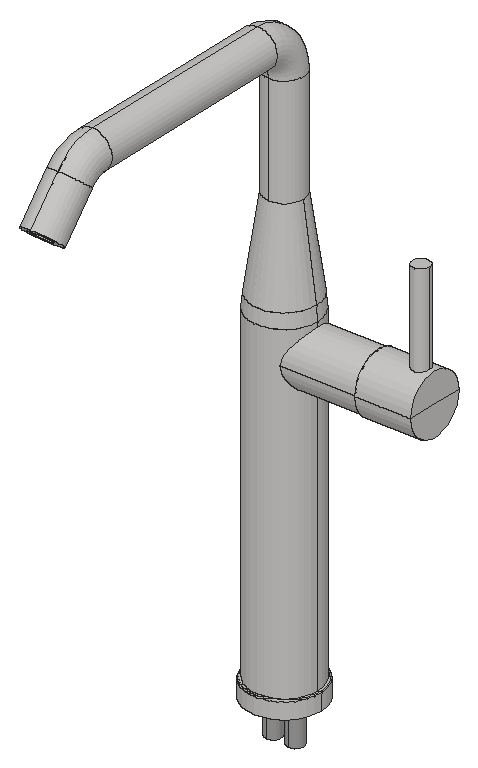
Revit family "PlumbingFixture_GroheLimited_EssenceVesselBasinUSpout_32901001_METRIC1", category Plumbing Fixtures, host Face, Revit 2015
Parameters (values of type "32901001")
  _DistributedBy = "www.bimstore.co.uk"
  _CurrentRevision = 1
  _CreatedBy = "www.bimstore.co.uk"
  _BimSpecGuid = 0
  _BSBibleVersion = 14
  _AuthorizedBy = "Kris Atkinson"
  _Author = "Ryan Lashley"
  Waste Connection = no
  WarrantyStartDate [instance] = "Please Record On Commissioning."
  WarrantyGuarantorParts = "info-uk@grohe.com"
  WarrantyGuarantorLabor = "info-uk@grohe.com"
  WarrantyDurationUnit = "Years"
  WarrantyDurationParts = "n/a"
  WarrantyDurationLabor = "n/a"
  WarrantyDescription = "n/a"
  WFU = 0
  Vent Connection = no
  URL = "www.grohe.com"
  TypeName = "Essence Basin mixer 1/2\" XL-Size"
  Type Comments = "32901001"
  SpareParts = "n/a"
  Size = "n/a"
  Shape = "n/a"
  SerialNumber [instance] = "Please Record On Commissioning."
  ReplacementCost = "n/a"
  ReferencedStandard = "n/a"
  ProductionYear = "2017"
  ProductPageURL = "https://www.grohe.co.uk/en_gb/essence-basin-mixer-1-2-xl-size-32901001.html"
  ProductDocumentationLink = "https://www.grohe.co.uk/en_gb/essence-basin-mixer-1-2-xl-size-32901001.html"
  PrimaryMaterial = GroheLimited-Chorme
  PipeMaterial = GroheLimited-Pipework
  PercentageOfRecycledContent = "n/a"
  NominalLength = 0 mm
  NominalHeight = 0 mm
  NominalDepth = 0 mm
  NBSReference = "45-35-70/345"
  NBSOfficeMasterTag = "n/a"
  NBSObjectName = "Grohe Limited - Water supply fittings for sinks"
  NBSNote = ""
  NBSDescription = "Water supply fittings for sinks"
  ModelReference = "Essence Basin mixer 1/2\" XL-Size"
  ModelNumber = "32901001"
  Model = "Essence Basin mixer 1/2\" XL-Size"
  Material = "Chrome"
  MasterformatTitle = "Sanitary Facilities"
  MasterformatNumber = "01 52 19"
  ManufacturerName = "Grohe Limited"
  Manufacturer = "Grohe Limited"
  LowEmittingMaterial = no
  LEEDCredit = "n/a"
  Keynote = "N13"
  InstallationDate [instance] = "Please Record On Commissioning."
  IndustryStandards = "n/a"
  IfcExportType = "IfcPipeFittingType"
  IfcExportAs = "IfcPipeFitting"
  HotWaterConnectionDiameter = 10 mm
  HWFU = 4.5
  HW Connection = yes
  Grade = "n/a"
  Finish = "Chrome"
  Features = "A free-standing basin always adds a special touch to a bathroom. Made of wood, ceramics or granite, it will always look uniquely elegant. With its cylindrical shapes and the glossy GROHE StarLight chrome finish, this bathroom tap of the GROHE Essence range is a perfect match for such a setting. Its extra high spout comes with an adjustable swivel range of up to 360°, offering all the flexibility you need to wash your hair comfortably over the basin or fill tall containers. Thanks to the GROHE QuickFix Plus system, you will have this single-lever mixer installed in the blink of an eye. With the GROHE EcoJoy feature, your water consumption will never exceed 6.6 litres per minute, even all full volume. Water volume and temperature can be controlled smoothly and effortlessly thanks to the integrated GROHE SilkMove technology. What more could you ask for? This bathroom tap has it all."
  ExpectedLife = 0
  Ecojoy = no
  DurationUnit = "Years"
  DocumentationTechnical = "n/a"
  DocumentationMaintenance = "n/a"
  DocumentationLiterature = "n/a"
  DocumentationInstallationGuide = "n/a"
  DocumentationCertificates = "n/a"
  Description = "A free-standing basin always adds a special touch to a bathroom. Made of wood, ceramics or granite, it will always look uniquely elegant. With its cylindrical shapes and the glossy GROHE StarLight chrome finish, this bathroom tap of the GROHE Essence range is a perfect match for such a setting. Its extra high spout comes with an adjustable swivel range of up to 360°, offering all the flexibility you need to wash your hair comfortably over the basin or fill tall containers. Thanks to the GROHE QuickFix Plus system, you will have this single-lever mixer installed in the blink of an eye. With the GROHE EcoJoy feature, your water consumption will never exceed 6.6 litres per minute, even all full volume. Water volume and temperature can be controlled smoothly and effortlessly thanks to the integrated GROHE SilkMove technology. What more could you ask for? This bathroom tap has it all."
  Default Elevation = 0 mm
  CreatedOn = "2017-06-01T09:00:00"
  CreatedBy = "info-uk@grohe.com"
  Cost = 0
  Constituents = "n/a"
  Color = "Chrome"
  ColdWaterConnectionDiameter = 10 mm
  CodePerformance = "n/a"
  ClassificationValue = "Pr_40_20_87_82"
  ClassificationName = "Uniclass2015"
  CWFU = 4.5
  CW Connection = yes
  BarCode [instance] = "Please Record On Commissioning."
  BIMObjectName = "PlumbingFixture_GroheLimited_EssenceVesselBasinUSpout_32901001_METRIC"
  AssetType = "Fixed"
  AssetIdentifier [instance] = "Please Record On Commissioning."
  Assembly Code = "D2010"
  AccessibilityPerformance = "n/a"
  ADACompliant = no
Types (10, lengths in mm): name | Type Comments | PrimaryMaterial | ModelNumber | Material | Finish | Color
  (no name) | "32901001" | GroheLimited-Chorme | "32901001" | "Chrome" | "Chrome" | "Chrome"
  32901001 | "32901001" | GroheLimited-Chorme | "32901001" | "Chrome" | "Chrome" | "Chrome"
  32901A01 | "32901A01" | GroheLimited-HardGraphite | "32901A01" | "Hard Graphite" | "Hard Graphite" | "Hard Graphite"
  32901AL1 | "32901AL1" | GroheLimited-BrushedHardGraphite | "32901AL1" | "Brushed Hard Graphite" | "Brushed Hard Graphite" | "Brushed Hard Graphite"
  32901BE1 | "32901BE1" | GroheLimited-Nickel | "32901BE1" | "Nickel" | "Nickel" | "Nickel"
  32901DA1 | "32901DA1" | GroheLimited-WarmSunset | "32901DA1" | "Warm Sunset" | "Warm Sunset" | "Warm Sunset"
  32901DL1 | "32901DL1" | GroheLimited-BrushedWarmSunset | "32901DL1" | "Brushed Warm Sunset" | "Brushed Warm Sunset" | "Brushed Warm Sunset"
  32901EN1 | "32901EN1" | GroheLimited-BrushedNickel | "32901EN1" | "Brushed Nickel" | "Brushed Nickel" | "Brushed Nickel"
  32901GL1 | "32901GL1" | GroheLimited-CoolSunrise | "32901GL1" | "Cool Sunrise" | "Cool Sunrise" | "Cool Sunrise"
  32901GN1 | "32901GN1" | GroheLimited-BrushedCoolSunrise | "32901GN1" | "Brushed Cool Sunrise" | "Brushed Cool Sunrise" | "Brushed Cool Sunrise"
Reference planes
  plane 1 "Center (Front/Back)": y = 0
  plane 2: z = 0
  plane 3 "Center (Left/Right)": x = 0
  plane 4: z = 0
  plane 5: z = 10
  plane 6: z = 322
  plane 7: y = -179
  plane 8: z = 186.25
  plane 9: z = 364
Forms (mm)
  Revolve 1, solid, material "GroheLimited-Chorme" <- "PrimaryMaterial"
    sketch origin (-250, 0, 0) x (1, 0, 0) y (0, 0, 1)
      loop
        line (270, 10) -> (270, 205.836)
        arc (270, 205.836) -> (269.819, 210.092) -> (269.276, 214.317) r 50
        arc (269.276, 214.317) -> (265.009, 241.039) -> (261.39, 267.856) r 1117.869
        line (261.39, 267.856) -> (250, 267.856) -> (250, 0) -> (272, 0) -> (272, 9.5)
        arc (272, 9.5) -> (271.854, 9.854) -> (271.5, 10) r 0.5
        line (271.5, 10) -> (270, 10)
      axis (250, 267.856) -> (250, 0)
    angle from 0 to 360
  Sweep 2, solid, material "GroheLimited-Pipework" <- "PipeMaterial"
    path in 3D
      loop
        line (6.565, 0, 0) -> (6.565, 0, -22.649)
    profile origin (6.565, 0, -11.324) x (0, -1, 0) y (1, 0, 0)
      loop
        circle (0, 0) r 4.75
  Sweep 3, solid, material "GroheLimited-Pipework" <- "PipeMaterial"
    path in 3D
      loop
        line (-6.56, 0, 0) -> (-6.56, 0, -22.649)
    profile origin (-6.56, 0, -11.324) x (0, -1, 0) y (1, 0, 0)
      loop
        circle (0, 0) r 4.75
  Sweep 4, solid, material "GroheLimited-Chorme" <- "PrimaryMaterial"
    path in 3D
      loop
        line (0, 0, 267.856) -> (0, 0, 332.856)
        arc (0, 0, 332.856) -> (0, -5.726, 346.681) -> (0, -19.551, 352.407) r 19.551
        line (0, -19.551, 352.407) -> (0, -142.053, 352.407)
        arc (0, -142.053, 352.407) -> (0, -151.505, 350.368) -> (0, -159.277, 344.614) r 22.929
        line (0, -159.277, 344.614) -> (0, -179.149, 322)
    profile origin (0, 0, 300.356) x (0, -1, 0) y (1, 0, 0)
      loop
        circle (0, 0) r 11.39
  Revolve 5, solid, material "GroheLimited-Chorme" <- "PrimaryMaterial"
    sketch origin (-85.032, -4571.753, 186.25) x (-1, 0, 0) y (0, -1, 0)
      loop
        line (-94.223, -4588.654) -> (-94.223, -4571.753) -> (-174.223, -4571.753) -> (-174.223, -4589.329) -> (-141.078, -4589.329)
        arc (-141.078, -4589.329) -> (-140.768, -4589.121) -> (-140.841, -4588.755) r 0.336
        line (-140.841, -4588.755) -> (-141.645, -4588.654) -> (-94.223, -4588.654)
      axis (-174.223, -4571.753) -> (-94.223, -4571.753)
    angle from 0 to 360
  Extrusion 6, solid, material "GroheLimited-Chorme" <- "PrimaryMaterial"
    sketch origin (-84.72, -4572, 186.25) x (-1, 0, 0) y (0, -1, 0)
      loop
        circle (-165.619, -4572) r 5
    from 0 to 71.553
  Extrusion 7, void
    sketch origin (5.663, 0, 108.906) x (1, 0, 0) y (0, 0, 1)
      loop
        line (68.123, 140.001) -> (68.123, 129.131)
        arc (68.123, 129.131) -> (71.582, 134.566) -> (68.123, 140.001) r 6
    from -6.478 to 6.498
  Sweep 8, void
    path in 3D
      loop
        line (0, -176.507, 325.007) -> (0, -179.149, 322)
    profile origin (0, -177.828, 323.504) x (0, 0.751165, -0.660115) y (1, 0, 0)
      loop
        circle (0, 0) r 8
Cuts and joins
  Extrusion 7, Sweep 8 cuts Revolve 1
  Extrusion 7, Sweep 8 cuts Sweep 4
  Extrusion 7, Sweep 8 cuts Revolve 5
  Extrusion 7, Sweep 8 cuts Extrusion 6
  joined: Revolve 1, Sweep 4, Revolve 5, Extrusion 6
Lines and regions (mm)
  sketch lines
    curve 1: line (6.565, 0, 0) -> (6.565, 0, -22.649)
    curve 2: line (-6.56, 0, 0) -> (-6.56, 0, -22.649)
    curve 3: line (0, 0, 267.856) -> (0, 0, 332.856)
    curve 4: arc (0, 0, 332.856) -> (0, -5.726, 346.681) -> (0, -19.551, 352.407) r 19.551
    curve 5: line (0, -19.551, 352.407) -> (0, -142.053, 352.407)
    curve 6: arc (0, -142.053, 352.407) -> (0, -151.505, 350.368) -> (0, -159.277, 344.614) r 22.929
    curve 7: line (0, -159.277, 344.614) -> (0, -179.149, 322)
    curve 8: line (0, -176.507, 325.007) -> (0, -179.149, 322)
Dimensions and locks
  plane 6 to host face = 322 mm
  plane 1 "Center (Front/Back)" to plane 7 = 179 mm
  plane 9 to host face = 364 mm
  aligned and locked: plane 2 to host face
  aligned and locked: level to host face
Connectors
  piping at (-6.56, 0, -22.649), diameter 10, driven by "HotWaterConnectionDiameter", driven by "HWFU"
    settings: on Sweep 3, index 1, connector inside diameter 24", connector length 0 mm, flow factor 0, pipe flow 0 GPM, pressure drop 0.00 psi, fitting loss kfactor 0, connector angle 0.00°, fixture units 4.5, engagement length 0 mm, angle of deflection 0.00°, flow configuration 3, flow direction 1, fitting loss method 4, system type 19, joint type 0, gender type 0, connector reference index -1, connector utility 0, adjustable connector no, is connector primary yes, connector description ""
  piping at (6.565, 0, -22.649), diameter 10, driven by "ColdWaterConnectionDiameter", driven by "CWFU"
    settings: on Sweep 2, index 2, connector inside diameter 24", connector length 0 mm, flow factor 0, pipe flow 0 GPM, pressure drop 0.00 psi, fitting loss kfactor 0, connector angle 0.00°, fixture units 4.5, engagement length 0 mm, angle of deflection 0.00°, flow configuration 3, flow direction 1, fitting loss method 4, system type 20, joint type 0, gender type 0, connector reference index -1, connector utility 0, adjustable connector no, is connector primary no, connector description ""
